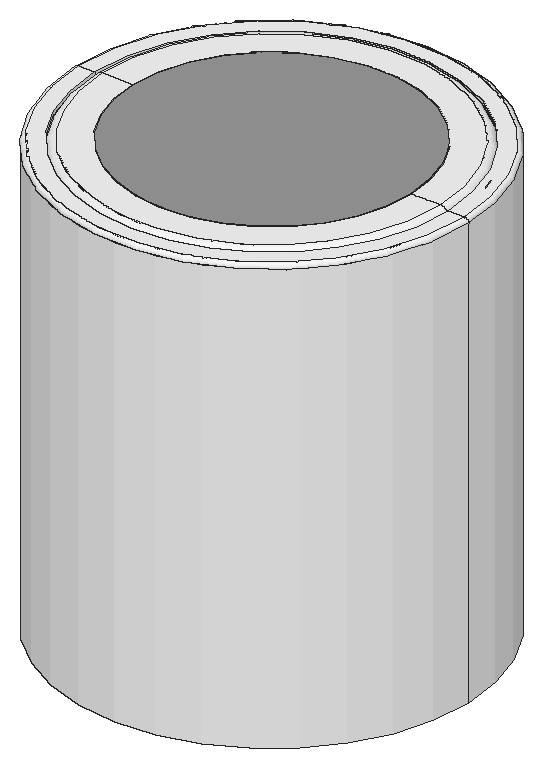
Revit family "3098169 Lighting Fixture_Sylvania_Insaver LED II 150 LO_Surface Mounted", category Lighting Fixtures, host Face, Revit 2017
Family settings
  Host = Face
  Round Connector Dimension = Use Diameter
  Part Type = Normal
  OmniClass Number = 23.80.70.11.17
  OmniClass Title = Specialized Lighting by Location or Use
  Cut with Voids When Loaded = No
  Light Source = Yes
  Shared = No
  Room Calculation Point = No
Parameters (values of type "Insaver LED II 150 Low Output NW EB Surface Mounted")
  Ta Rating = "0°C to 55°C"  # constant formula
  Reflector Material = Metal_Sylvania_Insaver LED II_Polished
  LOR = "100%"  # constant formula
  IP Rating = "IP23 (44 with accessory)"  # constant formula
  Height = 208.0 mm
  Glare Control = "UGR <19 (using accessory)"  # constant formula
  Energy Class = "A++,A+,A"  # constant formula
  Weight = 0 kg
  Wattage = 20 W
  built-in parameter 1150110 = 1 (stored number, unit not read)
  Voltage Comments = "UNV (Universal Voltage; 220-240 Volt)"  # constant formula
  Voltage = 230 V  # constant formula
  URL = "http://www.sylvania-lighting.com"
  built-in parameter 1114217 = 1 (stored number, unit not read)
  Tilt Angle = -90°
  built-in parameter 1150109 = 1 (stored number, unit not read)
  built-in parameter 1150134 = 12
  built-in parameter 1150113 = 1 (stored number, unit not read)
  Product Page URL = "http://www.sylvania-lighting.com/product/en-int/products/3098169"
  Product Family = "INSAVER LED II 150 Surface Mounted"  # constant formula
  Photometry Comments = ""
  Photometric Web File = "3098169_InsaverLEDII150LowOutputNWEBSurfaceMounted-202069.ies"
  Life = "50 000 h"  # constant formula
  Emit from Circle Diameter = Diffuser Diameter  # 133.0 mm
  Emit Shape Visible in Rendering = no
  Drive Current = "700mA"  # constant formula
  Distribution type = "Direct - symmetrical"  # constant formula
  Diffuser Material = Glass_Sylvania_Insaver LED II_4000K
  Diffuser Diameter = Accessory Diameter - 36.0 mm  # 133.0 mm
  Colour consistency (SDCM) = "3 step"  # constant formula
  built-in parameter 1114216 [instance] = 1 (stored number, unit not read)
  Model = "Insaver LED II 150 Low Output NW EB Surface Mounted"
  Manufacturer = "Feilo Sylvania"
  built-in parameter 1150105 = 1374.7 (stored number, unit not read)
  Lumens = 1940 lm
  built-in parameter 1150115 = 1 (stored number, unit not read)
  built-in parameter 1150137 = (empty or 0)
  built-in parameter 1150139 = (empty or 0)
  built-in parameter 1150112 = 1 (stored number, unit not read)
  built-in parameter 1150114 = 1 (stored number, unit not read)
  Lamp Comments = "Integrated LED"  # constant formula
  Lamp = ""
  built-in parameter 1150132 = 2
  built-in parameter 1150102 = (empty or 0)
  built-in parameter 1150107 = 4000 (stored number, unit not read)
  built-in parameter 1150138 = (empty or 0)
  built-in parameter 1150106 = 13.747 (stored number, unit not read)
  CRI ( Ra ) = 80  # constant formula
  Body Material = Plastic_Sylvania_Insaver LED II_White
  built-in parameter 1150104 = 9.0116 (stored number, unit not read)
  Dimming Lamp Color Temperature Shift = <None>
  Description = "Circular LED downlight with up to 114lm/W efficacy and 2,400 luminaire lumen output. Innovative easy installation system allows for a rapid, single point installation. For 150mm cut outs. IP44 or UGR<19 compliant with additional accessories. 3 hour emergency and surface mounted versions available. Plus3 version includes Wieland GST connector."  # constant formula
  Default Elevation = 0.0 mm
  Color Filter = 16777215
  Catalog Number = "3098169 Insaver LED II 150 Low Output NW EB Surface Mounted"
  built-in parameter 1140040 [instance] = 1
  Radius = Diameter / 2  # 94.0 mm
  Diameter = 188.0 mm
  Beam Angle = 76°  # constant formula
  built-in parameter 1114218 = 1 (stored number, unit not read)
  built-in parameter 1150133 = 10 (stored number, unit not read)
  Assembly Code = "D5020200"
  Apparent Load Comments = ""
  Apparent Load = 17 VA
  Accessory Radius = Accessory Diameter / 2  # 84.5 mm
  Accessory Material = Plastic_Sylvania_Insaver LED II_White
  Accessory Diameter = Diameter - 19.0 mm  # 169.0 mm
Reference planes
  plane 1 "Center (Front/Back)": y = 0
  plane 2: z = 0
  plane 3 "Center (Left/Right)": x = 0
  plane 4: z = 202
  plane 5 "Fixture Bottom": z = 208
  plane 6: z = 205
  plane 7: z = 9.5
  plane 8: z = 148
Forms (mm)
  Revolve 1, solid, material "Plastic_Sylvania_Insaver LED II_White" <- "Accessory Material", detail levels fine
    sketch origin (0, 0, 206.916) x (1, 0, 0) y (0, 0, 1)
      loop
        line (-84.5, -4.916) -> (-66.5, -4.916) -> (-66.5, 1.084) -> (-80.5, 1.084)
        arc (-80.5, 1.084) -> (-83.328, -0.088) -> (-84.5, -2.916) r 4
        line (-84.5, -2.916) -> (-84.5, -4.916)
      axis (0, 1.084) -> (0, -4.916)
    angle from 0 to 360
  Extrusion 2, solid, material "Glass_Sylvania_Insaver LED II_4000K" <- "Diffuser Material", detail levels fine
    sketch origin (0, 0, 206.916) x (1, 0, 0) y (0, 1, 0)
      loop
        circle (0, 0) r 66.5
    from -4.916 to 1.084
  Extrusion 3, solid, material "Plastic_Sylvania_Insaver LED II_White" <- "Body Material", detail levels fine
    sketch origin (0, 0, 0) x (1, 0, 0) y (0, 1, 0)
      loop
        circle (0, 0) r 94
      loop
        circle (0, 0) r 84.5
    from 0 to 205
  Revolve 4, solid, material "Plastic_Sylvania_Insaver LED II_White" <- "Body Material", detail levels fine
    sketch origin (0, 0, 0) x (1, 0, 0) y (0, 0, 1)
      loop
        line (-94, 205) -> (-84.5, 205) -> (-84.5, 207) -> (-92, 207)
        arc (-92, 207) -> (-93.414, 206.414) -> (-94, 205) r 2
      axis (0, 207) -> (0, 205)
    angle from 0 to 360
  Extrusion 5, solid, material "Plastic_Sylvania_Insaver LED II_White" <- "Body Material", detail levels fine
    sketch origin (0, 0, 0) x (1, 0, 0) y (0, 1, 0)
      loop
        circle (0, 0) r 84.5
    from 0 to 9.5
  Revolve 6, solid, detail levels fine
    sketch origin (0, 0, 0) x (1, 0, 0) y (0, 0, 1)
      loop
        line (0, 148) -> (0, 150)
        arc (0, 150) -> (-48.672, 164.089) -> (-82.291, 202) r 91.113
        line (-82.291, 202) -> (-84.5, 202)
        arc (-84.5, 202) -> (-50.14, 162.653) -> (0, 148) r 93.113
      axis (0, 202) -> (0, 148)
    angle from 0 to 360
  Extrusion 7, solid, material "Plastic_Sylvania_Insaver LED II_White" <- "Body Material", detail levels coarse+medium
    sketch origin (0, 0, 0) x (1, 0, 0) y (0, 1, 0)
      loop
        circle (0, 0) r 94
    from 0 to 208
Cuts and joins
  joined: Extrusion 3, Revolve 4, Extrusion 5
Lines and regions (mm)
  Masking region 1
    outline origin (0, 0, 0) x (1, 0, 0) y (0, 1, 0)
      loop
        circle (0, 0) r 94
  symbolic lines, detail levels fine
    curve 1: arc (66.5, 0, 0) -> (0, 66.5, 0) -> (-66.5, 0, 0) r 66.5
    curve 2: arc (-66.5, 0, 0) -> (0, -66.5, 0) -> (66.5, 0, 0) r 66.5
Dimensions and locks
  locked: Revolve 1 sketch curve to Revolve 1 sketch curve at 18
  "Accessory Radius": plane 3 "Center (Left/Right)" to Revolve 1 sketch curve
  locked: Revolve 1 sketch curve to plane 4 at 2
  plane 5 "Fixture Bottom" to plane 6 to plane 4 to plane 8 = 3.0 mm locked, 3.0 mm locked, 54.0 mm locked
  "Height": plane 5 "Fixture Bottom" to plane 2
  locked: Revolve 4 sketch curve to plane 6 at 2
  locked: plane 7 to plane 2 at 9.5
  "Radius": plane 3 "Center (Left/Right)" to Revolve 4 sketch curve
  locked: Revolve 4 sketch curve to Revolve 4 sketch curve at 9.5
  "Accessory Radius": plane 3 "Center (Left/Right)" to Revolve 6 sketch curve
  locked: Revolve 6 sketch curve to Revolve 6 sketch curve at 2.209
  locked: Revolve 6 sketch curve to plane 8 at 2
  "Diffuser Diameter": diameter of Extrusion 2 sketch curve
  "Diameter": diameter of Extrusion 3 sketch curve
  "Accessory Diameter": diameter of Extrusion 3 sketch curve
  "Accessory Diameter": diameter of Extrusion 5 sketch curve
  "Diameter": diameter of Extrusion 7 sketch curve
  aligned and locked: plane 2 to host face
  aligned and locked: level to host face
  aligned and locked: imposter light to plane 1 "Center (Front/Back)"
  aligned and locked: plane 4 to Revolve 1 sketch curve
  aligned and locked: Revolve 1 sketch curve to plane 3 "Center (Left/Right)"
  aligned and locked: plane 4 to Extrusion 2
  aligned and locked: Extrusion 2 to plane 5 "Fixture Bottom"
  aligned and locked: Extrusion 3 to plane 6
  aligned and locked: Extrusion 3 to plane 2
  aligned and locked: Revolve 4 sketch curve to plane 3 "Center (Left/Right)"
  aligned and locked: plane 5 "Fixture Bottom" to Revolve 1 sketch curve
  aligned and locked: plane 6 to Revolve 4 sketch curve
  aligned and locked: Extrusion 5 to plane 2
  aligned and locked: Extrusion 5 to plane 7
  aligned and locked: imposter light to plane 3 "Center (Left/Right)"
  aligned and locked: imposter light to plane 5 "Fixture Bottom"
  aligned and locked: Revolve 6 sketch curve to imposter light
  aligned and locked: Revolve 6 sketch curve to plane 4
  aligned and locked: imposter light to Revolve 6 sketch curve
  aligned and locked: Extrusion 7 to plane 5 "Fixture Bottom"
  aligned and locked: Extrusion 7 to plane 2
  aligned and locked: Masking region 1 sketch curve to Extrusion 7  (x2)
  aligned and locked: curve 1 to Extrusion 2
  aligned and locked: curve 2 to Extrusion 2
Automatic sketch dimensions
  host sketch curve to host sketch curve = 1040.406 mm
  host sketch curve to host sketch curve = 988.385 mm
  plane 4 to Revolve 1 sketch curve = 23.903 mm
  Revolve 1 sketch curve to plane 5 "Fixture Bottom" = 38.423 mm
  plane 1 "Center (Front/Back)" to Extrusion 2 sketch curve = 0.0 mm
  Extrusion 2 sketch curve to plane 3 "Center (Left/Right)" = 0.0 mm
  Extrusion 3 sketch curve to Extrusion 3 sketch curve = 0.0 mm  (x2)
  plane 1 "Center (Front/Back)" to Extrusion 3 sketch curve = 0.0 mm
  Extrusion 3 sketch curve to plane 3 "Center (Left/Right)" = 0.0 mm
  Revolve 4 sketch curve to plane 5 "Fixture Bottom" = 23.931 mm
  Revolve 4 sketch curve to Revolve 4 sketch curve = 16.615 mm
  plane 1 "Center (Front/Back)" to Extrusion 5 sketch curve = 0.0 mm
  Extrusion 5 sketch curve to plane 3 "Center (Left/Right)" = 0.0 mm
  Revolve 6 sketch curve to Revolve 6 sketch curve = 0.0 mm
  plane 4 to Revolve 6 sketch curve = 22.636 mm
  Revolve 6 sketch curve to Revolve 6 sketch curve = 1.749 mm
  plane 1 "Center (Front/Back)" to Extrusion 7 sketch curve = 0.0 mm
  Extrusion 7 sketch curve to plane 3 "Center (Left/Right)" = 0.0 mm
Connectors
  electrical at (0, 0, 0), driven by "Voltage", driven by "Apparent Load"
    settings: on cut or joined group of Extrusion 3, Revolve 4, Extrusion 5, index 1, voltage 230 V, apparent load 0 VA, apparent load phase1 17 VA, apparent load phase2 0 VA, apparent load phase3 0 VA, power factor 1, load classification "Lighting", number of poles 1, system type 31, power factor state 1, is connector primary yes, connector utility no, sub classification motor no, connector description ""
